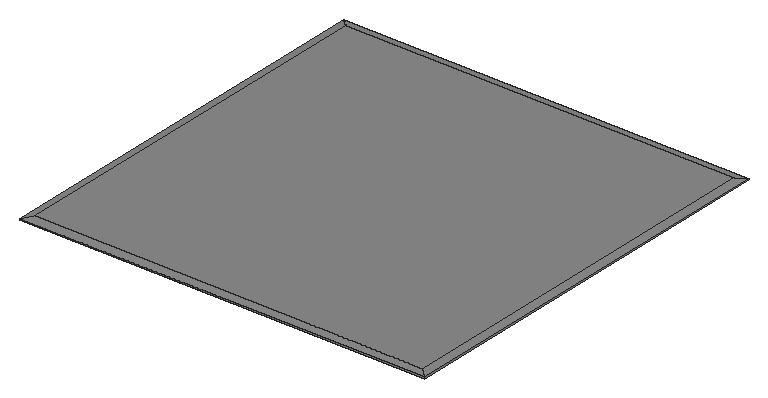
Revit family "Espelho retangular bisotado - Com base no plano", category Mobiliário, Revit 2012
Parameters (values of type "1000 x 1000 x 6 mm - Bisotado de 20 mm")
  URL = "http://maisrevit.blogspot.com.br/"
  Largura do bisotado = 20 mm
  Largura = 1000 mm
  Espessura = 6 mm
  Espelho = Espelho sem tom
  Altura = 1000 mm
Reference planes
  plane 1 "Centro (Frente/Trás)": y = 0
  plane 2: z = 0
  plane 3 "Centro (Esquerda/Direita)": x = 0
  plane 4: y = 500
  plane 5: y = -500
  plane 6: x = 500
  plane 7: x = -500
  plane 8: z = 6
Forms (mm)
  Extrusion 1, solid, material "Espelho sem tom" <- "Espelho"
    sketch origin (0, 0, 0) x (1, 0, 0) y (0, 1, 0)
      loop
        line (-500, 500) -> (-500, -500) -> (500, -500) -> (500, 500) -> (-500, 500)
    from 0 to 6
  Sweep 2, void
    path in 3D
      loop
        line (-500, -500, 6) -> (500, -500, 6) -> (500, 500, 6) -> (-500, 500, 6) -> (-500, -500, 6)
    profile origin (-500, 0, 6) x (1, 0, 0) y (0, 0, 1)
      loop
        line (20, 0) -> (0, 0) -> (0, -3) -> (20, 0)
Cuts and joins
  Sweep 2 cuts Extrusion 1
Lines and regions (mm)
  sketch lines
    curve 1: line (-500, 500, 6) -> (-500, -500, 6)
    curve 2: line (500, 500, 6) -> (-500, 500, 6)
    curve 3: line (-500, -500, 6) -> (500, -500, 6)
    curve 4: line (500, -500, 6) -> (500, 500, 6)
Dimensions and locks
  equal spacing: plane 7, plane 3 "Centro (Esquerda/Direita)", plane 6
  equal spacing: plane 5, plane 1 "Centro (Frente/Trás)", plane 4
  "Altura": plane 4 to plane 5
  "Largura": plane 7 to plane 6
  "Espessura": plane 8 to plane 2
  "Largura do bisotado": profile plane to Sweep 2 sketch curve
  equal spacing: plane 8, Sweep 2 sketch curve, plane 2
  aligned and locked: level to plane 2
  aligned and locked: plane 4 to Extrusion 1
  aligned and locked: Extrusion 1 to plane 7
  aligned and locked: Extrusion 1 to plane 5
  aligned and locked: plane 6 to Extrusion 1
  aligned and locked: plane 8 to Extrusion 1
  aligned and locked: Extrusion 1 to Sweep 2 sketch curve
  aligned and locked: Sweep 2 sketch curve to Extrusion 1
Automatic sketch dimensions
  plane 7 to Extrusion 1 sketch curve = 0 mm
  Extrusion 1 sketch curve to plane 6 = 0 mm
  plane 5 to Extrusion 1 sketch curve = 0 mm
  Extrusion 1 sketch curve to plane 4 = 0 mm
